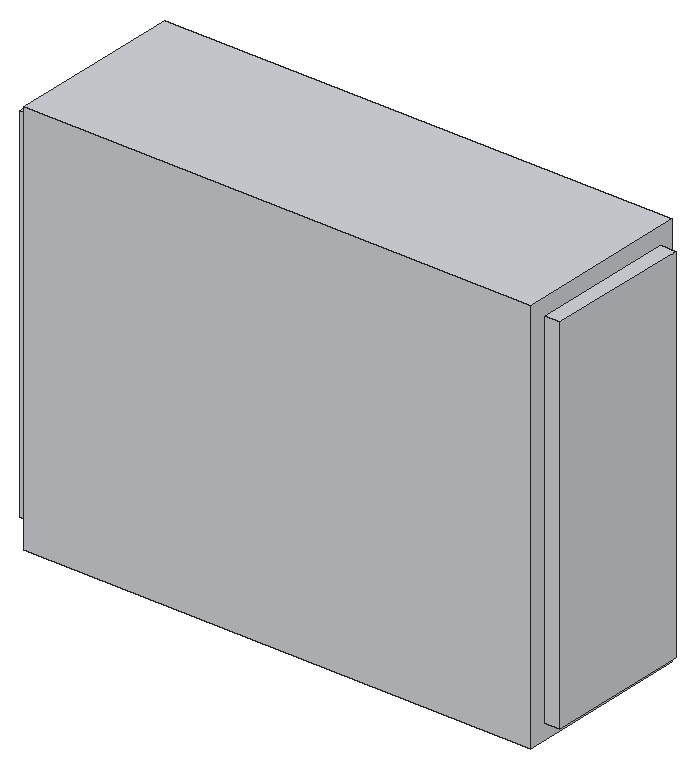
Revit family "M_Filtro - Painel - Plano", category Acessórios de duto, Revit 2019
Family settings
  Cota do conector redondo = Utilizar diâmetro
  Tipo de parte = Quebra em
  Número OmniClass = 23.75.50.17.11
  Título OmniClass = Air Filters
  ID de item do Seek = Filter - Panel - Flat-0000-CAN-ENU
  Com base no plano de trabalho = Não
  Sempre na vertical = Sim
  Corte com vazios quando carregada = Não
  Compartilhado = Não
Parameters (values of type "Para serpentina tamanho 3")
  Queda de pressão = 30.0 Pa
  Comprimento do meio filtro = Comprimento do filtro / 2  # 400 mm
  Altura do meio filtro = Altura do filtro / 2  # 312.5 mm
  Material de filtro plano = none
  Largura do filtro = 279 mm
  Comprimento do filtro = 800 mm
  Altura do filtro = 625 mm
  Largura do duto = Comprimento do filtro  # 800 mm
  Altura do duto = Altura do filtro  # 625 mm
Types (17, lengths in mm): name | Queda de pressão | Comprimento do meio filtro | Altura do meio filtro | Largura do filtro | Comprimento do filtro | Altura do filtro | Largura do duto | Altura do duto
  (no name) | 30.0 Pa | 400 | 312.5 | 279 | 800 | 625 | 800 | 625
  Para serpentina tamanho 3 | 30.0 Pa | 400 | 312.5 | 279 | 800 | 625 | 800 | 625
  Para serpentina tamanho 6 | 30.0 Pa | 550 | 350 | 305 | 1100 | 700 | 1100 | 700
  Para serpentina tamanho 8 | 52.0 Pa | 600 | 400 | 305 | 1200 | 800 | 1200 | 800
  Para serpentina tamanho 10 | 42.0 Pa | 750 | 425 | 305 | 1500 | 850 | 1500 | 850
  Para serpentina tamanho 12 | 22.0 Pa | 800 | 475 | 305 | 1600 | 950 | 1600 | 950
  Para serpentina tamanho 14 | 30.0 Pa | 850 | 500 | 305 | 1700 | 1000 | 1700 | 1000
  Para serpentina tamanho 17 | 22.0 Pa | 925 | 550 | 305 | 1850 | 1100 | 1850 | 1100
  Para serpentina tamanho 21 | 35.0 Pa | 950 | 625 | 305 | 1900 | 1250 | 1900 | 1250
  Para serpentina tamanho 25 | 35.0 Pa | 975 | 700 | 305 | 1950 | 1400 | 1950 | 1400
  Para serpentina tamanho 30 | 37.0 Pa | 1150 | 700 | 305 | 2300 | 1400 | 2300 | 1400
  Para serpentina tamanho 35 | 12.0 Pa | 1200 | 775 | 305 | 2400 | 1550 | 2400 | 1550
  Para serpentina tamanho 40 | 15.0 Pa | 1375 | 775 | 305 | 2750 | 1550 | 2750 | 1550
  Para serpentina tamanho 50 | 17.0 Pa | 1500 | 925 | 406 | 3000 | 1850 | 3000 | 1850
  Para serpentina tamanho 66 | 19.0 Pa | 1725 | 1150 | 406 | 3450 | 2300 | 3450 | 2300
  Para serpentina tamanho 80 | 20.0 Pa | 1725 | 1375 | 406 | 3450 | 2750 | 3450 | 2750
  Para serpentina tamanho 100 | 21.0 Pa | 1900 | 1500 | 406 | 3800 | 3000 | 3800 | 3000
Reference planes
  plane 1 "Centro (Frente/Trás)": y = 0
  plane 2: z = 0
  plane 3 "Centro (Esquerda/Direita)": x = 0
  plane 4: x = -400
  plane 5: x = 400
  plane 6: y = 139.5
  plane 7: y = -139.5
  plane 8: x = -425.4
  plane 9: x = 425.4
  plane 10: z = 312.5
  plane 11: z = -312.5
  plane 12: z = 287.1
  plane 13: y = 114.1
  plane 14: y = -114.1
  plane 15: z = -287.1
Forms (mm)
  Extrusion 1, solid, material <- "Material de filtro plano"
    sketch origin (0, 0, 0) x (1, 0, 0) y (0, 1, 0)
      loop
        line (-400, 139.5) -> (-400, -139.5) -> (400, -139.5) -> (400, 139.5) -> (-400, 139.5)
    from -312.5 to 312.5
  Extrusion 2, solid, material <- "Material de filtro plano"
    sketch origin (0, 0, 0) x (0, 1, 0) y (0, 0, 1)
      loop
        line (114.1, 287.1) -> (-114.1, 287.1) -> (-114.1, -287.1) -> (114.1, -287.1) -> (114.1, 287.1)
    from 400 to 425.4
  Extrusion 3, solid, material <- "Material de filtro plano"
    sketch origin (0, 0, 0) x (0, 1, 0) y (0, 0, 1)
      loop
        line (114.1, 287.1) -> (-114.1, 287.1) -> (-114.1, -287.1) -> (114.1, -287.1) -> (114.1, 287.1)
    from -425.4 to -400
Dimensions and locks
  equal spacing: plane 6, plane 1 "Centro (Frente/Trás)", plane 7
  "Largura do filtro": plane 6 to plane 7
  locked: plane 8 to plane 4 at 25.4
  locked: plane 5 to plane 9 at 25.4
  locked: plane 12 to plane 10 at 25.4
  locked: plane 6 to plane 13 at 25.4
  locked: plane 14 to plane 7 at 25.4
  locked: plane 15 to plane 11 at 25.4
  "Comprimento do meio filtro": plane 4 to plane 3 "Centro (Esquerda/Direita)"
  "Comprimento do meio filtro": plane 3 "Centro (Esquerda/Direita)" to plane 5
  "Altura do meio filtro": plane 10 to plane 2
  "Altura do meio filtro": plane 2 to plane 11
  aligned and locked: plane 4 to Extrusion 1 sketch curve
  aligned and locked: Extrusion 1 sketch curve to plane 6
  aligned and locked: plane 7 to Extrusion 1 sketch curve
  aligned and locked: Extrusion 1 sketch curve to plane 5
  aligned and locked: plane 10 to Extrusion 1
  aligned and locked: Extrusion 1 to plane 11
  aligned and locked: plane 13 to Extrusion 2 sketch curve
  aligned and locked: Extrusion 2 sketch curve to plane 12
  aligned and locked: plane 15 to Extrusion 2 sketch curve
  aligned and locked: Extrusion 2 sketch curve to plane 14
  aligned and locked: plane 9 to Extrusion 2
  aligned and locked: Extrusion 2 to plane 5
  aligned and locked: Extrusion 3 sketch curve to Extrusion 2  (x3)
  aligned and locked: Extrusion 2 to Extrusion 3 sketch curve
  aligned and locked: Extrusion 3 to plane 8
  aligned and locked: plane 4 to Extrusion 3
Connectors
  hvac at (0, -139.5, 0), driven by "Altura do duto", driven by "Largura do duto"
    settings: on Extrusion 1, index 1, duct flow 0.0 L/s, flow factor 0, pres drop 0.0 Pa, loss coef 0, conn angle 0.00°, conn width 800 mm, conn height 625 mm, conn diameter 609.6 mm, duct sys type 29, conn prof type 1, flow config 0, flow direction 0, loss method 4, conn ref index 2, conn util no, is conn primary yes, conn desc ""
  hvac at (0, 139.5, 0), driven by "Queda de pressão", driven by "Altura do duto", driven by "Largura do duto"
    settings: on Extrusion 1, index 2, duct flow 0.0 L/s, flow factor 0, pres drop 30.0 Pa, loss coef 0, conn angle 0.00°, conn width 800 mm, conn height 625 mm, conn diameter 609.6 mm, duct sys type 29, conn prof type 1, flow config 0, flow direction 0, loss method 4, conn ref index 1, conn util no, is conn primary no, conn desc ""
